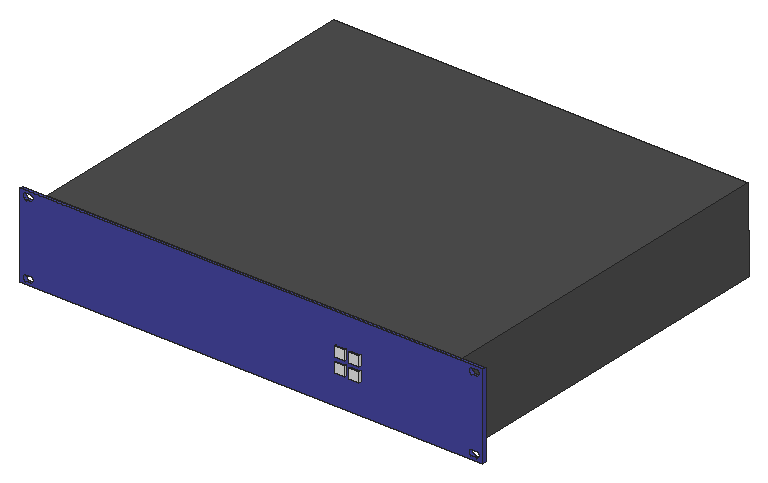
Revit family "DL153", category Communication Devices, Revit 2020
Family settings
  Maintain Annotation Orientation = No
  Round Connector Dimension = Use Diameter
  Part Type = Normal
  Work Plane-Based = Yes
  Always vertical = No
  Cut with Voids When Loaded = Yes
  Shared = No
  Room Calculation Point = No
Parameters
  Model = "DL153"
  Manufacturer = "Midas"
  Default Elevation = 0 mm
Reference planes
  plane 1 "Center (Front/Back)": y = 0
  plane 2: z = 0
  plane 3 "Center (Left/Right)": x = 0
  plane 4 "Front Panel": y = -3
  plane 5 "Rear panel": y = 374
Forms (mm)
  Extrusion 1, solid, material "Steel, Paint Finish, Blue"
    sketch origin (0, 0, 0) x (1, 0, 0) y (0, 0, 1)
      loop
        line (-241.5, 0) -> (241.498, 0) -> (241.498, 88.096) -> (-241.5, 88.096) -> (-241.5, 0)
    from 0 to 3
  Extrusion 2, void
    sketch origin (0, 0, -101.379) x (1, 0, 0) y (0, 0, 1)
      loop
        arc (-234.343, 187.274) -> (-237.842, 183.775) -> (-234.343, 180.276) r 3.499
        line (-234.343, 180.276) -> (-231.035, 180.276)
        arc (-231.035, 180.276) -> (-227.536, 183.775) -> (-231.035, 187.274) r 3.499
        line (-231.035, 187.274) -> (-234.343, 187.274)
    from 0 to 3
  Extrusion 3, void
    sketch origin (0, 0, -177.825) x (1, 0, 0) y (0, 0, 1)
      loop
        arc (-234.343, 187.274) -> (-237.842, 183.775) -> (-234.343, 180.276) r 3.499
        line (-234.343, 180.276) -> (-231.035, 180.276)
        arc (-231.035, 180.276) -> (-227.536, 183.775) -> (-231.035, 187.274) r 3.499
        line (-231.035, 187.274) -> (-234.343, 187.274)
    from 0 to 3
  Extrusion 4, void
    sketch origin (465.381, 0, -177.825) x (1, 0, 0) y (0, 0, 1)
      loop
        arc (-234.343, 187.274) -> (-237.842, 183.775) -> (-234.343, 180.276) r 3.499
        line (-234.343, 180.276) -> (-231.035, 180.276)
        arc (-231.035, 180.276) -> (-227.536, 183.775) -> (-231.035, 187.274) r 3.499
        line (-231.035, 187.274) -> (-234.343, 187.274)
    from 0 to 3
  Extrusion 5, void
    sketch origin (465.381, 0, -101.379) x (1, 0, 0) y (0, 0, 1)
      loop
        arc (-234.343, 187.274) -> (-237.842, 183.775) -> (-234.343, 180.276) r 3.499
        line (-234.343, 180.276) -> (-231.035, 180.276)
        arc (-231.035, 180.276) -> (-227.536, 183.775) -> (-231.035, 187.274) r 3.499
        line (-231.035, 187.274) -> (-234.343, 187.274)
    from 0 to 3
  Extrusion 6, solid, material "Steel, Paint Finish, Black"
    sketch origin (1.5, 0, 0) x (1, 0, 0) y (0, 0, 1)
      loop
        line (-218, 0) -> (215, 0) -> (215, 88.096) -> (-218, 88.096) -> (-218, 0)
    from 0 to -374
  Extrusion 7, void
    sketch origin (90.828, 374, 40.457) x (1, 0, 0) y (0, 0, 1)
      loop
        circle (108.554, 21.312) r 11.2
    from 0 to 16
  Extrusion 8, void
    sketch origin (-307.334, 374, 0) x (1, 0, 0) y (0, 0, 1)
      loop
        circle (108.554, 21.312) r 11.2
    from 0 to 16
  Extrusion 9, void
    sketch origin (0, 374, 0) x (1, 0, 0) y (0, 0, 1)
      loop
        line (172.779, 25.824) -> (172.779, 6.137) -> (200.678, 6.137) -> (200.678, 25.824) -> (172.779, 25.824)
    from 0 to 16
  Extrusion 10, solid, material "ABS - White"
    sketch origin (-0.004, -3, -120.907) x (-1, 0, 0) y (0, 0, 1)
      loop
        line (-88.173, 177.549) -> (-98.381, 177.549) -> (-98.381, 167.334) -> (-88.173, 167.334) -> (-88.173, 177.549)
    from 0 to -2
  Extrusion 11, solid, material "ABS - White"
    sketch origin (-0.004, -3, -135.907) x (-1, 0, 0) y (0, 0, 1)
      loop
        line (-88.173, 177.549) -> (-98.381, 177.549) -> (-98.381, 167.334) -> (-88.173, 167.334) -> (-88.173, 177.549)
    from 0 to -2
  Extrusion 12, solid, material "ABS - White"
    sketch origin (14.996, -3, -135.907) x (-1, 0, 0) y (0, 0, 1)
      loop
        line (-88.173, 177.549) -> (-98.381, 177.549) -> (-98.381, 167.334) -> (-88.173, 167.334) -> (-88.173, 177.549)
    from 0 to -2
  Extrusion 13, solid, material "ABS - White"
    sketch origin (14.996, -3, -120.907) x (-1, 0, 0) y (0, 0, 1)
      loop
        line (-88.173, 177.549) -> (-98.381, 177.549) -> (-98.381, 167.334) -> (-88.173, 167.334) -> (-88.173, 177.549)
    from 0 to -2
  Extrusion 14, void
    sketch origin (-152.269, 374, 0) x (1, 0, 0) y (0, 0, 1)
      loop
        circle (108.554, 21.312) r 11.2
    from 0 to 16
  Extrusion 15, void
    sketch origin (-177.987, 374, 0) x (1, 0, 0) y (0, 0, 1)
      loop
        circle (108.554, 21.312) r 11.2
    from 0 to 16
  Extrusion 16, void
    sketch origin (-281.616, 374, 0) x (1, 0, 0) y (0, 0, 1)
      loop
        circle (108.554, 21.312) r 11.2
    from 0 to 16
  Extrusion 17, void
    sketch origin (-255.898, 374, 0) x (1, 0, 0) y (0, 0, 1)
      loop
        circle (108.554, 21.312) r 11.2
    from 0 to 16
  Extrusion 18, void
    sketch origin (65.11, 374, 40.457) x (1, 0, 0) y (0, 0, 1)
      loop
        circle (108.554, 21.312) r 11.2
    from 0 to 16
  Extrusion 19, void
    sketch origin (39.392, 374, 40.457) x (1, 0, 0) y (0, 0, 1)
      loop
        circle (108.554, 21.312) r 11.2
    from 0 to 16
  Extrusion 20, void
    sketch origin (13.674, 374, 40.457) x (1, 0, 0) y (0, 0, 1)
      loop
        circle (108.554, 21.312) r 11.2
    from 0 to 16
  Extrusion 21, void
    sketch origin (-12.044, 374, 40.457) x (1, 0, 0) y (0, 0, 1)
      loop
        circle (108.554, 21.312) r 11.2
    from 0 to 16
  Extrusion 22, void
    sketch origin (-37.762, 374, 40.457) x (1, 0, 0) y (0, 0, 1)
      loop
        circle (108.554, 21.312) r 11.2
    from 0 to 16
  Extrusion 23, void
    sketch origin (-63.48, 374, 40.457) x (1, 0, 0) y (0, 0, 1)
      loop
        circle (108.554, 21.312) r 11.2
    from 0 to 16
  Extrusion 24, void
    sketch origin (-89.198, 374, 40.457) x (1, 0, 0) y (0, 0, 1)
      loop
        circle (108.554, 21.312) r 11.2
    from 0 to 16
  Extrusion 25, void
    sketch origin (-126.237, 374, 40.457) x (1, 0, 0) y (0, 0, 1)
      loop
        circle (108.554, 21.312) r 11.2
    from 0 to 16
  Extrusion 26, void
    sketch origin (-151.955, 374, 40.457) x (1, 0, 0) y (0, 0, 1)
      loop
        circle (108.554, 21.312) r 11.2
    from 0 to 16
  Extrusion 27, void
    sketch origin (-177.673, 374, 40.457) x (1, 0, 0) y (0, 0, 1)
      loop
        circle (108.554, 21.312) r 11.2
    from 0 to 16
  Extrusion 28, void
    sketch origin (-203.391, 374, 40.457) x (1, 0, 0) y (0, 0, 1)
      loop
        circle (108.554, 21.312) r 11.2
    from 0 to 16
  Extrusion 29, void
    sketch origin (-229.109, 374, 40.457) x (1, 0, 0) y (0, 0, 1)
      loop
        circle (108.554, 21.312) r 11.2
    from 0 to 16
  Extrusion 30, void
    sketch origin (-254.827, 374, 40.457) x (1, 0, 0) y (0, 0, 1)
      loop
        circle (108.554, 21.312) r 11.2
    from 0 to 16
  Extrusion 31, void
    sketch origin (-280.545, 374, 40.457) x (1, 0, 0) y (0, 0, 1)
      loop
        circle (108.554, 21.312) r 11.2
    from 0 to 16
  Extrusion 32, void
    sketch origin (-306.263, 374, 40.457) x (1, 0, 0) y (0, 0, 1)
      loop
        circle (108.554, 21.312) r 11.2
    from 0 to 16
  Extrusion 33, void
    sketch origin (-126.551, 374, 0) x (1, 0, 0) y (0, 0, 1)
      loop
        circle (108.554, 21.312) r 11.2
    from 0 to 16
  Extrusion 34, void
    sketch origin (-100.833, 374, 0) x (1, 0, 0) y (0, 0, 1)
      loop
        circle (108.554, 21.312) r 11.2
    from 0 to 16
  Extrusion 35, void
    sketch origin (-75.115, 374, 0) x (1, 0, 0) y (0, 0, 1)
      loop
        circle (108.554, 21.312) r 11.2
    from 0 to 16
  Extrusion 36, void
    sketch origin (-49.397, 374, 0) x (1, 0, 0) y (0, 0, 1)
      loop
        circle (108.554, 21.312) r 11.2
    from 0 to 16
  Extrusion 37, void
    sketch origin (-23.679, 374, 0) x (1, 0, 0) y (0, 0, 1)
      loop
        circle (108.554, 21.312) r 11.2
    from 0 to 16
  Extrusion 38, void
    sketch origin (2.04, 374, 0) x (1, 0, 0) y (0, 0, 1)
      loop
        circle (108.554, 21.312) r 11.2
    from 0 to 16
Cuts and joins
  Extrusion 2, Extrusion 3, Extrusion 4, Extrusion 5 cuts Extrusion 1
  Extrusion 7, Extrusion 8, Extrusion 9, Extrusion 14, Extrusion 15, Extrusion 16, Extrusion 17, Extrusion 18, Extrusion 19, Extrusion 20, Extrusion 21, Extrusion 22, Extrusion 23, Extrusion 24, Extrusion 25, Extrusion 26, Extrusion 27, Extrusion 28, Extrusion 29, Extrusion 30, Extrusion 31, Extrusion 32, Extrusion 33, Extrusion 34, Extrusion 35, Extrusion 36, Extrusion 37, Extrusion 38 cuts Extrusion 6
Lines and regions (mm)
  Split face 1
    outline origin (241.498, -3, 0) x (0, 0, 1) y (-1, 0, 0)
      loop
        line (78.623, 430.725) -> (52.703, 445.69) -> (35.402, 445.69) -> (9.482, 430.725) -> (9.482, 382.036) -> (35.402, 367.072) -> (52.703, 367.072) -> (78.623, 382.036) -> (78.623, 430.725)
  Split face 2
    outline origin (244.945, -3, -125.997) x (0, 0, 1) y (-1, 0, 0)
      loop
        circle (168.745, 351.089) r 1.498
  Split face 3
    outline origin (244.945, -3, -125.997) x (0, 0, 1) y (-1, 0, 0)
      loop
        circle (168.745, 342.079) r 1.498
  Split face 4
    outline origin (244.945, -3, -125.997) x (0, 0, 1) y (-1, 0, 0)
      loop
        circle (168.745, 333.072) r 1.498
  Split face 5
    outline origin (244.945, -3, -125.997) x (0, 0, 1) y (-1, 0, 0)
      loop
        circle (168.745, 324.066) r 1.498
  Split face 6
    outline origin (244.945, -3, -125.997) x (0, 0, 1) y (-1, 0, 0)
      loop
        circle (168.744, 315.059) r 1.5
  Split face 7
    outline origin (241.457, -3, -125.997) x (0, 0, 1) y (-1, 0, 0)
      loop
        circle (168.744, 290.051) r 1.473
  Split face 8
    outline origin (241.494, -3, -120.907) x (0, 0, 1) y (-1, 0, 0)
      loop
        arc (172.695, 233.001) -> (172.256, 234.062) -> (171.195, 234.501) r 1.5
        line (171.195, 234.501) -> (158.672, 234.501)
        arc (158.672, 234.501) -> (157.611, 234.062) -> (157.172, 233.001) r 1.5
        line (157.172, 233.001) -> (157.172, 170.439)
        arc (157.172, 170.439) -> (157.611, 169.378) -> (158.672, 168.939) r 1.5
        line (158.672, 168.939) -> (171.195, 168.939)
        arc (171.195, 168.939) -> (172.256, 169.378) -> (172.695, 170.439) r 1.5
        line (172.695, 170.439) -> (172.695, 233.001)
  Split face 9
    outline origin (112.346, -3, -125.998) x (0, 0, 1) y (-1, 0, 0)
      loop
        circle (168.745, 132.207) r 1.469
  Split face 10
    outline origin (112.346, -3, -125.998) x (0, 0, 1) y (-1, 0, 0)
      loop
        circle (168.745, 127.126) r 1.471
  Split face 11
    outline origin (284.395, 374, 163.736) x (0, 0, -1) y (-1, 0, 0)
      loop
        arc (142.584, 384.106) -> (143.237, 382.53) -> (144.813, 381.876) r 2.23
        line (144.813, 381.876) -> (152.321, 383.332)
        arc (152.321, 383.332) -> (153.777, 384.106) -> (154.55, 385.562) r 2.816
        line (154.55, 385.562) -> (154.55, 399.119)
        arc (154.55, 399.119) -> (153.777, 400.576) -> (152.321, 401.35) r 2.816
        line (152.321, 401.35) -> (144.813, 402.806)
        arc (144.813, 402.806) -> (143.237, 402.152) -> (142.584, 400.576) r 2.23
        line (142.584, 400.576) -> (142.584, 384.106)
  Split face 12
    outline origin (284.395, 374, 163.736) x (0, 0, -1) y (-1, 0, 0)
      loop
        arc (144.709, 385.973) -> (145.116, 384.85) -> (146.148, 384.248) r 1.754
        line (146.148, 384.248) -> (150.987, 385.375)
        arc (150.987, 385.375) -> (151.995, 385.997) -> (152.425, 387.101) r 1.863
        line (152.425, 387.101) -> (152.425, 397.581)
        arc (152.425, 397.581) -> (151.995, 398.685) -> (150.987, 399.307) r 1.863
        line (150.987, 399.307) -> (146.148, 400.434)
        arc (146.148, 400.434) -> (145.116, 399.832) -> (144.709, 398.709) r 1.754
        line (144.709, 398.709) -> (144.709, 385.973)
  Split face 13
    outline origin (293.515, 374, 184.832) x (0, 0, -1) y (-1, 0, 0)
      loop
        circle (170.603, 422.805) r 1.721
Dimensions and locks
  equal spacing: group 8, group 7, group 6, group 5, group 4, group 3, group 2, group 1
  equal spacing: group 1, group 2, group 3, group 4, group 5, group 6, group 7, group 8  (x2)
  aligned and locked: level to plane 2
Nested families
  nested 1: "NE8FD Ethercon" at (-198.78, 374, 21.312) x (-1, 0, 0) z (0, 1, 0), type "NE8FD Ethercon"
  nested 2: "NE8FD Ethercon" at (-173.062, 374, 21.312) x (-1, 0, 0) z (0, 1, 0), type "NE8FD Ethercon"
  nested 3: "NE8FD Ethercon" at (-147.343, 374, 21.312) x (-1, 0, 0) z (0, 1, 0), type "NE8FD Ethercon"
  nested 4: "IEC with switch3" at (186.671, 374, 15.531) x (-1, 0, 0) z (0, 1, 0), type "IEC with switch3"
  nested 5: "XLR-M with LED" at (110.594, 374, 21.312) x (-1, 0, 0) z (0, 1, 0), type "XLR-M with LED"
  nested 6: "XLR-F with LED" at (199.383, 374, 61.769) x (-1, 0, 0) z (0, 1, 0), type "XLR-F with LED"
  nested 7: "XLR-F with LED" at (-17.682, 374, 61.769) x (-1, 0, 0) z (0, 1, 0), type "XLR-F with LED"
  nested 8: "XLR-M with LED" at (84.876, 374, 21.312) x (-1, 0, 0) z (0, 1, 0), type "XLR-M with LED"
  nested 9: "XLR-F with LED" at (173.665, 374, 61.769) x (-1, 0, 0) z (0, 1, 0), type "XLR-F with LED"
  nested 10: "XLR-F with LED" at (-43.4, 374, 61.769) x (-1, 0, 0) z (0, 1, 0), type "XLR-F with LED"
  nested 11: "XLR-M with LED" at (59.158, 374, 21.312) x (-1, 0, 0) z (0, 1, 0), type "XLR-M with LED"
  nested 12: "XLR-F with LED" at (147.946, 374, 61.769) x (-1, 0, 0) z (0, 1, 0), type "XLR-F with LED"
  nested 13: "XLR-F with LED" at (-69.118, 374, 61.769) x (-1, 0, 0) z (0, 1, 0), type "XLR-F with LED"
  nested 14: "XLR-M with LED" at (33.44, 374, 21.312) x (-1, 0, 0) z (0, 1, 0), type "XLR-M with LED"
  nested 15: "XLR-F with LED" at (122.228, 374, 61.769) x (-1, 0, 0) z (0, 1, 0), type "XLR-F with LED"
  nested 16: "XLR-F with LED" at (-94.837, 374, 61.769) x (-1, 0, 0) z (0, 1, 0), type "XLR-F with LED"
  nested 17: "XLR-M with LED" at (7.721, 374, 21.312) x (-1, 0, 0) z (0, 1, 0), type "XLR-M with LED"
  nested 18: "XLR-F with LED" at (96.51, 374, 61.769) x (-1, 0, 0) z (0, 1, 0), type "XLR-F with LED"
  nested 19: "XLR-F with LED" at (-120.555, 374, 61.769) x (-1, 0, 0) z (0, 1, 0), type "XLR-F with LED"
  nested 20: "XLR-M with LED" at (-17.997, 374, 21.312) x (-1, 0, 0) z (0, 1, 0), type "XLR-M with LED"
  nested 21: "XLR-F with LED" at (70.792, 374, 61.769) x (-1, 0, 0) z (0, 1, 0), type "XLR-F with LED"
  nested 22: "XLR-F with LED" at (-146.273, 374, 61.769) x (-1, 0, 0) z (0, 1, 0), type "XLR-F with LED"
  nested 23: "XLR-M with LED" at (-43.715, 374, 21.312) x (-1, 0, 0) z (0, 1, 0), type "XLR-M with LED"
  nested 24: "XLR-F with LED" at (45.074, 374, 61.769) x (-1, 0, 0) z (0, 1, 0), type "XLR-F with LED"
  nested 25: "XLR-F with LED" at (-171.991, 374, 61.769) x (-1, 0, 0) z (0, 1, 0), type "XLR-F with LED"
  nested 26: "XLR-M with LED" at (-69.433, 374, 21.312) x (-1, 0, 0) z (0, 1, 0), type "XLR-M with LED"
  nested 27: "XLR-F with LED" at (19.356, 374, 61.769) x (-1, 0, 0) z (0, 1, 0), type "XLR-F with LED"
  nested 28: "XLR-F with LED" at (-197.709, 374, 61.769) x (-1, 0, 0) z (0, 1, 0), type "XLR-F with LED"
Definition of nested family "NE8FD Ethercon"
  Parameters
    Default Elevation = 1219.2 mm
  Reference planes
    plane 1 "Center (Front/Back)": y = 0
    plane 2: z = 0
    plane 3 "Center (Left/Right)": x = 0
  Forms (mm)
    Extrusion 1, solid
      sketch origin (-12.612, 0, 0) x (1, 0, 0) y (0, 1, 0)
        loop
          circle (12.613, 0.021) r 11.058
      from -16 to 1.5
    Extrusion 2, void
      sketch origin (-12.612, 0, 0) x (1, 0, 0) y (0, 1, 0)
        loop
          circle (12.612, 0.021) r 9.9
      from -12 to 1.5
    Extrusion 3, solid
      sketch origin (-12.612, 0, 0) x (1, 0, 0) y (0, 1, 0)
        loop
          line (9.613, 9.921) -> (15.612, 9.921)
          arc (15.612, 9.921) -> (17.027, 10.507) -> (17.612, 11.921) r 2
          line (17.612, 11.921) -> (17.612, 13.337)
          arc (17.612, 13.337) -> (17.271, 14.455) -> (16.362, 15.191) r 2
          arc (16.362, 15.191) -> (12.612, 15.921) -> (8.862, 15.191) r 10
          arc (8.862, 15.191) -> (7.954, 14.455) -> (7.612, 13.337) r 2
          line (7.612, 13.337) -> (7.612, 11.921)
          arc (7.612, 11.921) -> (8.198, 10.507) -> (9.613, 9.921) r 2
      from 3.3 to 4.2
    Extrusion 4, solid
      sketch origin (-12.612, 0, 0) x (1, 0, 0) y (0, 1, 0)
        loop
          line (11.106, 9.921) -> (14.119, 9.921) -> (14.119, 10.975)
          arc (14.119, 10.975) -> (12.613, 11.079) -> (11.106, 10.975) r 11.058
          line (11.106, 10.975) -> (11.106, 9.921)
      from 3.3 to 1.5
    Extrusion 5, void
      sketch origin (-12.612, 0, 0) x (1, 0, 0) y (0, 1, 0)
        loop
          line (6.713, 3.65) -> (6.713, -3.15) -> (9.313, -3.15) -> (9.313, -5.15) -> (10.763, -5.15) -> (10.763, -6.45) -> (14.463, -6.45) -> (14.463, -5.15) -> (15.913, -5.15) -> (15.913, -3.15) -> (18.513, -3.15) -> (18.513, 3.65) -> (6.713, 3.65)
      from -10 to 1.5
    Extrusion 6, solid
      sketch origin (-12.612, 0, 0) x (1, 0, 0) y (0, 1, 0)
        loop
          circle (12.612, 0) r 8
      from -12 to 1.5
    Extrusion 7, void
      sketch origin (-12.612, 0, 0) x (1, 0, 0) y (0, 1, 0)
        loop
          circle (12.613, 0) r 11.1
      from 0 to -16
  Cuts and joins
    Extrusion 2, Extrusion 5 cuts Extrusion 1
    Extrusion 2 cuts Extrusion 4
    Extrusion 5 cuts Extrusion 6
  Dimensions and locks
    aligned and locked: level to plane 2
Definition of nested family "IEC with switch3"
  Parameters (values of type "IEC with switch3")
    Default Elevation = 1219.2 mm
  Reference planes
    plane 1 "Center (Front/Back)": y = 0
    plane 2: z = 0
    plane 3 "Center (Left/Right)": x = 0
  Forms (mm)
    Extrusion 1, void
      sketch origin (0, 0, 0) x (1, 0, 0) y (0, 1, 0)
        loop
          arc (12, 5.5) -> (11.268, 7.268) -> (9.5, 8) r 2.5
          line (9.5, 8) -> (-9.5, 8)
          arc (-9.5, 8) -> (-11.268, 7.268) -> (-12, 5.5) r 2.5
          line (-12, 5.5) -> (-12, -3) -> (-7, -8) -> (7, -8) -> (12, -3) -> (12, 5.5)
      from 2 to -15
    Extrusion 2, solid
      sketch origin (0, 0, 0) x (1, 0, 0) y (0, 1, 0)
        loop
          arc (-11.144, 24.05) -> (-14.279, 23.165) -> (-16.49, 20.774) r 6
          line (-16.49, 20.774) -> (-22.363, 9.247)
          arc (-22.363, 9.247) -> (-23.017, 6.523) -> (-22.363, 3.799) r 6
          line (-22.363, 3.799) -> (-16.245, -8.208)
          arc (-16.245, -8.208) -> (-14.034, -10.6) -> (-10.899, -11.484) r 6
          line (-10.899, -11.484) -> (10.899, -11.484)
          arc (10.899, -11.484) -> (14.034, -10.6) -> (16.245, -8.208) r 6
          line (16.245, -8.208) -> (22.363, 3.799)
          arc (22.363, 3.799) -> (23.017, 6.523) -> (22.363, 9.247) r 6
          line (22.363, 9.247) -> (16.49, 20.774)
          arc (16.49, 20.774) -> (14.279, 23.165) -> (11.144, 24.05) r 6
          line (11.144, 24.05) -> (-11.144, 24.05)
      from 2 to 0
    Extrusion 3, solid
      sketch origin (0, 0, 0) x (1, 0, 0) y (0, 1, 0)
        loop
          line (-8, 3.6) -> (-8, -0.4) -> (-6, -0.4) -> (-6, 3.6) -> (-8, 3.6)
      from 1 to -15
    Extrusion 4, solid
      sketch origin (7, -4, 0) x (1, 0, 0) y (0, 1, 0)
        loop
          line (-8, 3.6) -> (-8, -0.4) -> (-6, -0.4) -> (-6, 3.6) -> (-8, 3.6)
      from 1 to -15
    Extrusion 5, solid
      sketch origin (14, 0, 0) x (1, 0, 0) y (0, 1, 0)
        loop
          line (-8, 3.6) -> (-8, -0.4) -> (-6, -0.4) -> (-6, 3.6) -> (-8, 3.6)
      from 1 to -15
    Extrusion 6, void
      sketch origin (0, 0, 0) x (1, 0, 0) y (0, 1, 0)
        loop
          arc (-11.5, 22.9) -> (-13.268, 22.168) -> (-14, 20.4) r 2.5
          line (-14, 20.4) -> (-14, -7.297)
          arc (-14, -7.297) -> (-13.268, -9.065) -> (-11.5, -9.797) r 2.5
          line (-11.5, -9.797) -> (11.5, -9.797)
          arc (11.5, -9.797) -> (13.268, -9.065) -> (14, -7.297) r 2.5
          line (14, -7.297) -> (14, 20.4)
          arc (14, 20.4) -> (13.268, 22.168) -> (11.5, 22.9) r 2.5
          line (11.5, 22.9) -> (-11.5, 22.9)
      from 0 to -20
    Extrusion 7, solid
      sketch origin (0, 0, 0) x (1, 0, 0) y (0, 1, 0)
        loop
          arc (-11.5, 22.9) -> (-13.268, 22.168) -> (-14, 20.4) r 2.5
          line (-14, 20.4) -> (-14, -7.297)
          arc (-14, -7.297) -> (-13.268, -9.065) -> (-11.5, -9.797) r 2.5
          line (-11.5, -9.797) -> (11.5, -9.797)
          arc (11.5, -9.797) -> (13.268, -9.065) -> (14, -7.297) r 2.5
          line (14, -7.297) -> (14, 20.4)
          arc (14, 20.4) -> (13.268, 22.168) -> (11.5, 22.9) r 2.5
          line (11.5, 22.9) -> (-11.5, 22.9)
      from 0 to -20
  Cuts and joins
    Extrusion 1, Extrusion 6 cuts Extrusion 2
    Extrusion 1 cuts Extrusion 7
  Lines and regions (mm)
    Split face 1
      outline origin (-11.409, 28.204, 2) x (-1, 0, 0) y (0, -1, 0)
        loop
          line (-20.558, 16.3) -> (-20.558, 8.728) -> (-2.314, 8.728) -> (-2.314, 16.3) -> (-20.558, 16.3)
    model lines
      curve 1: line (-11.318, 21.168, 2) -> (11.536, 21.168, 2)
      curve 2: arc (11.536, 21.168, 2) -> (12.243, 20.875, 2) -> (12.536, 20.168, 2) r 1
      curve 3: line (12.536, 20.168, 2) -> (12.536, 11.4, 2)
      curve 4: arc (12.536, 11.4, 2) -> (12.243, 10.693, 2) -> (11.536, 10.4, 2) r 1
      curve 5: line (11.536, 10.4, 2) -> (-11.318, 10.4, 2)
      curve 6: arc (-11.318, 10.4, 2) -> (-12.025, 10.693, 2) -> (-12.318, 11.4, 2) r 1
      curve 7: line (-12.318, 11.4, 2) -> (-12.318, 20.168, 2)
      curve 8: arc (-12.318, 20.168, 2) -> (-12.025, 20.875, 2) -> (-11.318, 21.168, 2) r 1
      curve 9: line (-3.781, 19.476, 2) -> (-3.781, 11.904, 2)
  Dimensions and locks
    aligned and locked: level to plane 2
Definition of nested family "XLR-M with LED"
  Parameters
    Default Elevation = 1219.2 mm
  Reference planes
    plane 1 "Center (Front/Back)": y = 0
    plane 2: z = 0
    plane 3 "Center (Left/Right)": x = 0
  Forms (mm)
    Extrusion 1, solid
      sketch origin (-12.612, 0, 0) x (1, 0, 0) y (0, 1, 0)
        loop
          circle (12.613, 0.021) r 11.058
      from -16 to 1.5
    Extrusion 2, void
      sketch origin (-12.612, 0, 0) x (1, 0, 0) y (0, 1, 0)
        loop
          circle (12.612, 0.021) r 9.9
      from -10 to 1.5
    Extrusion 3, solid
      sketch origin (0, 0, 0) x (1, 0, 0) y (0, 1, 0)
        loop
          circle (-4.05, 0.021) r 1.1
      from -10 to 1
    Extrusion 4, solid
      sketch origin (8.1, 0, 0) x (1, 0, 0) y (0, 1, 0)
        loop
          circle (-4.05, 0.021) r 1.1
      from -10 to 1
    Extrusion 5, solid
      sketch origin (4.05, -3.96, 0) x (1, 0, 0) y (0, 1, 0)
        loop
          circle (-4.05, 0.021) r 1.1
      from -10 to 1
    Extrusion 6, void
      sketch origin (-32.913, 0, 0) x (1, 0, 0) y (0, 1, 0)
        loop
          circle (32.913, 0) r 11.2
      from 0 to -16
    Extrusion 7, solid
      sketch origin (0, 0, 0) x (1, 0, 0) y (0, 1, 0)
        loop
          circle (-11.112, -10.139) r 1.5
      from 0 to 1
  Cuts and joins
    Extrusion 2 cuts Extrusion 1
  Lines and regions (mm)
    Split face 1
      outline origin (9.9, 0.021, -10) x (-1, 0, 0) y (0, -1, 0)
        loop
          circle (9.9, 0.021) r 8
  Dimensions and locks
    aligned and locked: level to plane 2
Definition of nested family "XLR-F with LED"
  Parameters
    Default Elevation = 1219.2 mm
  Reference planes
    plane 1 "Center (Front/Back)": y = 0
    plane 2: z = 0
    plane 3 "Center (Left/Right)": x = 0
  Forms (mm)
    Extrusion 1, solid
      sketch origin (-12.612, 0, 0) x (1, 0, 0) y (0, 1, 0)
        loop
          circle (12.613, 0.021) r 11.058
      from -16 to 1.5
    Extrusion 2, void
      sketch origin (-12.612, 0, 0) x (1, 0, 0) y (0, 1, 0)
        loop
          circle (12.612, 0.021) r 9.9
      from -12 to 1.5
    Extrusion 3, solid
      sketch origin (-12.612, 0, 0) x (1, 0, 0) y (0, 1, 0)
        loop
          line (9.613, 9.921) -> (15.612, 9.921)
          arc (15.612, 9.921) -> (17.027, 10.507) -> (17.612, 11.921) r 2
          line (17.612, 11.921) -> (17.612, 13.337)
          arc (17.612, 13.337) -> (17.271, 14.455) -> (16.362, 15.191) r 2
          arc (16.362, 15.191) -> (12.612, 15.921) -> (8.862, 15.191) r 10
          arc (8.862, 15.191) -> (7.954, 14.455) -> (7.612, 13.337) r 2
          line (7.612, 13.337) -> (7.612, 11.921)
          arc (7.612, 11.921) -> (8.198, 10.507) -> (9.613, 9.921) r 2
      from 3.3 to 4.2
    Extrusion 4, solid
      sketch origin (-12.612, 0, 0) x (1, 0, 0) y (0, 1, 0)
        loop
          line (11.106, 9.921) -> (14.119, 9.921) -> (14.119, 10.975)
          arc (14.119, 10.975) -> (12.613, 11.079) -> (11.106, 10.975) r 11.058
          line (11.106, 10.975) -> (11.106, 9.921)
      from 3.3 to 1.5
    Extrusion 5, solid
      sketch origin (-12.612, 0, 0) x (1, 0, 0) y (0, 1, 0)
        loop
          circle (1.5, -10.139) r 1.5
      from 0 to 1
    Extrusion 6, void
      sketch origin (-12.612, 0, 0) x (1, 0, 0) y (0, 1, 0)
        loop
          circle (8.562, 0.021) r 1.325
      from -12 to 1.5
    Extrusion 7, void
      sketch origin (-12.612, 0, 0) x (1, 0, 0) y (0, 1, 0)
        loop
          circle (16.663, 0.021) r 1.325
      from -12 to 1.5
    Extrusion 8, void
      sketch origin (-12.612, 0, 0) x (1, 0, 0) y (0, 1, 0)
        loop
          circle (12.612, -3.939) r 1.325
      from -12 to 1.5
    Extrusion 9, solid
      sketch origin (-12.612, 0, 0) x (1, 0, 0) y (0, 1, 0)
        loop
          circle (12.612, 0) r 8
      from -12 to 1.5
    Extrusion 10, void
      sketch origin (-12.612, 0, 0) x (1, 0, 0) y (0, 1, 0)
        loop
          circle (12.613, 0) r 11.1
      from 0 to -16
  Cuts and joins
    Extrusion 2, Extrusion 6, Extrusion 7, Extrusion 8 cuts Extrusion 1
    Extrusion 2 cuts Extrusion 4
    Extrusion 6, Extrusion 7, Extrusion 8 cuts Extrusion 9
  Dimensions and locks
    aligned and locked: level to plane 2
